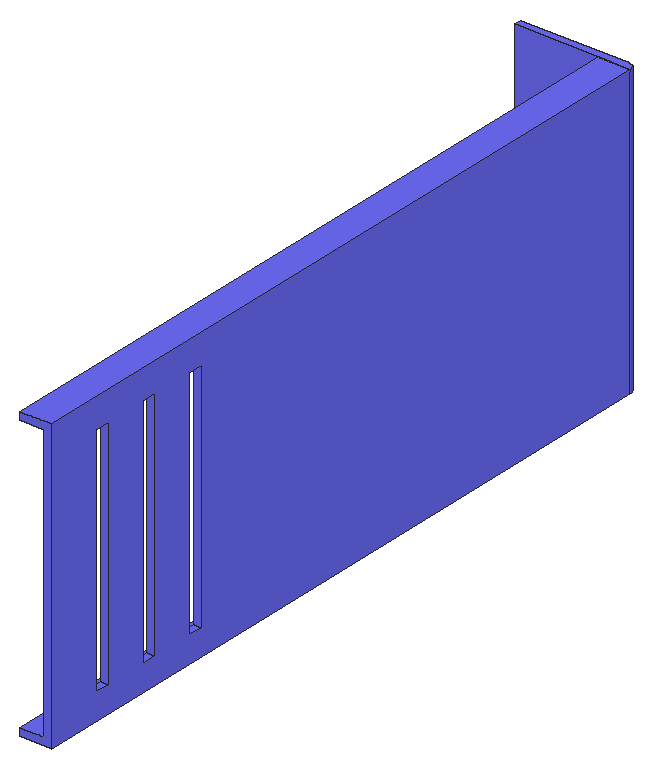
Revit family "BIMSF_LongClip", category Structural Connections, Revit 2024
Family settings
  Material for Model Behavior = Other
  Work Plane-Based = No
  Enable Cutting in Views = No
  Always vertical = Yes
  Cut with Voids When Loaded = No
  Shared = No
Parameters (values of type "12"")
  web = 0' - 0 1/8"
  material = Glass 2
  Weight = 0.00 lbf/ft
  Reported Length [instance] = 1' - 0"
  Length = 1' - 0"
  BOM_Weight = 0.00 lbf
  BIMSF_Filter = "DefCon-Clip"  # constant formula
  Assembly Code = ""
Types (3): name | material | Reported Length | Length
  8" | none | 0' - 8" | 0' - 8"
  10" | none | 1' - 0" | 0' - 10"
  12" | Glass 2 | 1' - 0" | 1' - 0"
Reference planes (in)
  plane 1 "Center (Front/Back)": y = 0
  plane 2: z = 0
  plane 3 "Center (Left/Right)": x = 0
  plane 4: y = -12
  plane 5: x = -1.875
Forms (in)
  Extrusion 1, solid, material "Glass 2" <- "material"
    sketch origin (-0.01457, 0, 2.43642) x (1, 0, 0) y (0, 0, 1)
      loop
        line (0.01457, 0.01254) -> (-0.5, 0.01254) -> (-0.5, -0.11246) -> (-0.11043, -0.11246) -> (-0.11043, -4.58781) -> (-0.5, -4.58781) -> (-0.5, -4.71281) -> (0.01457, -4.71281) -> (0.01457, 0.01254)
    from 0.25 to 12
  Extrusion 2, solid, material "Glass 2" <- "material"
    sketch origin (-0.02734, 0.01953, 0) x (1, 0, 0) y (0, 1, 0)
      loop
        line (-1.84766, -0.13792) -> (-1.84766, -0.26953) -> (-0.3653, -0.26953) -> (0.02854, -0.26953)
        spline (0.02854, -0.26953) -> (0.0272, -0.24853) -> (0.0232, -0.22935) -> (0.01652, -0.212) -> (0.00717, -0.19647) -> (-0.00485, -0.18276) -> (-0.01954, -0.17088) -> (-0.0369, -0.16083) -> (-0.05693, -0.1526) -> (-0.07964, -0.14619) -> (-0.10501, -0.14161) -> (-0.13306, -0.13885) -> (-0.16377, -0.13792)
        line (-0.16377, -0.13792) -> (-1.84766, -0.13792)
    from -2.2764 to 2.44896
  Extrusion 3, void
    sketch origin (0, 0.32812, -2.27639) x (0, 1, 0) y (0, 0, 1)
      loop
        line (-11.42971, 4.25) -> (-11.42971, 0.4217) -> (-11.17971, 0.4217) -> (-11.17971, 4.25) -> (-11.42971, 4.25)
    from -1.59956 to 12
  Extrusion 4, void
    sketch origin (0, 1.27346, -2.27639) x (0, 1, 0) y (0, 0, 1)
      loop
        line (-11.42971, 4.25) -> (-11.42971, 0.4217) -> (-11.17971, 0.4217) -> (-11.17971, 4.25) -> (-11.42971, 4.25)
    from -1.59956 to 12
  Extrusion 5, void
    sketch origin (0, 2.38284, -2.27639) x (0, 1, 0) y (0, 0, 1)
      loop
        line (-11.59375, 4.25) -> (-11.59375, 0.4217) -> (-11.34375, 0.4217) -> (-11.34375, 4.25) -> (-11.59375, 4.25)
    from -2.33595 to 12
Cuts and joins
  Extrusion 3, Extrusion 4, Extrusion 5 cuts Extrusion 1
Dimensions and locks (in)
  "web": Extrusion 1 to Extrusion 1  (x3)
  "Length": plane 1 "Center (Front/Back)" to plane 4
  Extrusion 2 to Extrusion 2 = 0' - 0.13161"
  equal spacing: Extrusion 5, Extrusion 4, Extrusion 3
  plane 5 to plane 3 "Center (Left/Right)" = 0' - 1 7/8"
  "Reported Length": plane 1 "Center (Front/Back)" to plane 4
  aligned and locked: plane 2 to level
  aligned and locked: Extrusion 1 to plane 4
  aligned and locked: Extrusion 2 to plane 5
Automatic sketch dimensions
  level to Extrusion 1 sketch curve = 0' - 2.44896"
  Extrusion 1 sketch curve to plane 3 "Center (Left/Right)" = 0' - 0.51457"  (x2)
  Extrusion 1 sketch curve to plane 3 "Center (Left/Right)" = 0' - 0 1/8"
  Extrusion 1 sketch curve to plane 3 "Center (Left/Right)" = 0' - 0"
  level to Extrusion 1 sketch curve = 0' - 2.32396"
  Extrusion 1 sketch curve to Extrusion 1 sketch curve = 0' - 4.47535"
  Extrusion 1 sketch curve to Extrusion 1 sketch curve = 0' - 0 1/8"
  plane 1 "Center (Front/Back)" to Extrusion 2 sketch curve = 0' - 0.11839"
  plane 3 "Center (Left/Right)" to Extrusion 2 sketch curve = 0' - 0.0012"
  Extrusion 2 sketch curve to plane 3 "Center (Left/Right)" = 0' - 0.19112"
  Extrusion 2 sketch curve to Extrusion 2 sketch curve = 0' - 0.20153"
  Extrusion 2 sketch curve to Extrusion 2 sketch curve = 0' - 1.68388"
  plane 1 "Center (Front/Back)" to Extrusion 2 sketch curve = 0' - 0 1/4"
  plane 4 to Extrusion 3 sketch curve = 0' - 0.89841"
  Extrusion 3 sketch curve to Extrusion 3 sketch curve = 0' - 0 1/4"
  Extrusion 3 sketch curve to level = 0' - 1.85469"
  Extrusion 3 sketch curve to Extrusion 3 sketch curve = 0' - 3.8283"
  plane 4 to Extrusion 4 sketch curve = 0' - 1 27/32"
  Extrusion 4 sketch curve to Extrusion 4 sketch curve = 0' - 0 1/4"
  Extrusion 4 sketch curve to level = 0' - 1.85469"
  Extrusion 4 sketch curve to Extrusion 4 sketch curve = 0' - 3.8283"
  plane 4 to Extrusion 5 sketch curve = 0' - 2.78909"
  Extrusion 5 sketch curve to Extrusion 5 sketch curve = 0' - 0 1/4"
  Extrusion 5 sketch curve to level = 0' - 1.85469"
  Extrusion 5 sketch curve to Extrusion 5 sketch curve = 0' - 3.8283"
